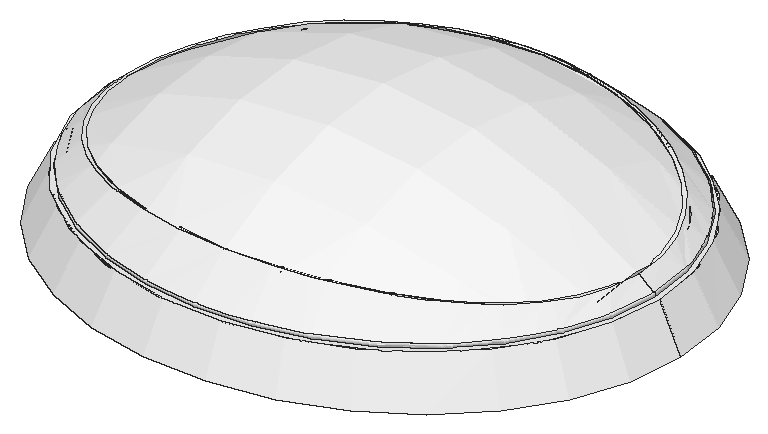
Revit family "4063809 Feilo Sylvania Lighting Fixtures BRIO IP65VR LED 4K WH  G2", category Lighting Fixtures, host Face, Revit 2017
Family settings
  Host = Face
  Round Connector Dimension = Use Diameter
  Part Type = Normal
  OmniClass Number = 23.80.70.00
  OmniClass Title = Lighting
  Cut with Voids When Loaded = No
  Light Source = Yes
  Shared = No
  Room Calculation Point = No
Parameters (values of type "4063809 BRIO IP65VR LED 4K WH  G2 High Efficiency High Efficiency")
  Weight = "3.0 kg"
  Wattage Comments = "n/a"
  Wattage = 9 W
  WarrantyStartDate [instance] = "n/a"
  WarrantyGuarantorParts = "n/a"
  WarrantyDurationUnit = "n/a"
  WarrantyDurationParts = "n/a"
  WarrantyDescription = "n/a"
  built-in parameter 1150110 = 1 (stored number, unit not read)
  Voltage = 230 V
  URL = "http://www.sylvania-lighting.com"
  TypeName = "BRIO IP65VR LED 4K WH  G2"
  Type Image = <None>
  Type Comments = "n/a"
  built-in parameter 1114217 = 1 (stored number, unit not read)
  Tilt Angle = -90.00°
  built-in parameter 1150109 = 1 (stored number, unit not read)
  built-in parameter 1150134 = 12
  built-in parameter 1150113 = 1 (stored number, unit not read)
  SerialNumber [instance] = "n/a"
  ReflectorMaterial = none
  PowerFactor = 0.98
  PowerConsumption = "9 W"
  Photometric Web File = "4063809-HE.ies"
  NominalLength = 104 mm
  NominalHeight = 440 mm
  NominalDepth = 390 mm
  Name = "BRIO IP65VR LED 4K WH  G2"
  ModelReference = Name  # "BRIO IP65VR LED 4K WH  G2"
  ModelNumber = "4063809"
  Model = Name  # "BRIO IP65VR LED 4K WH  G2"
  Material = "aluminium body, polycarbonate diffuser"
  ManufacturerName = "Feilo Sylvania"
  Manufacturer = "Feilo Sylvania"
  LuminousEfficacy = "81 lm/W"
  built-in parameter 1150105 = 58.012 (stored number, unit not read)
  Lumens = 729 lm
  LuminaireType = ""
  built-in parameter 1150115 = 1 (stored number, unit not read)
  LightOutputRatio = "100"
  built-in parameter 1150137 = (empty or 0)
  built-in parameter 1150139 = (empty or 0)
  LampsType = Lamp  # "LED"
  LampNominalLuminous = "717 lm"
  LampMacAdamStep = "n/a"
  LampColourTemperature = "4000 K"
  LampColourRenderingIndex = "80"
  built-in parameter 1150112 = 1 (stored number, unit not read)
  built-in parameter 1150114 = 1 (stored number, unit not read)
  Lamp = "LED"
  Keynote = "16500"
  InstallationDate [instance] = "n/a"
  InputVoltage = "230-240V~"
  InputNominalFrequency = "50/60 Hz"
  built-in parameter 1150132 = (empty or 0)
  built-in parameter 1150102 = (empty or 0)
  built-in parameter 1150107 = 4000 (stored number, unit not read)
  built-in parameter 1150138 = (empty or 0)
  IngressProtection = "IP65"
  ImpactProtectionIndex = "IK10"
  built-in parameter 1150106 = 0.58012 (stored number, unit not read)
  IfcExportType = "IfcLightFixtureType"
  IfcExportAs = "IfcLightFixtureType"
  ExpectedLife = 50000
  Emit from Circle Diameter = 300 mm
  Emit Shape Visible in Rendering = no
  ElectricShockClassification = "Class I"
  built-in parameter 1150104 = 7.5251 (stored number, unit not read)
  DurationUnit = "hours"
  DocumentationLiterature = "http://www.sylvania-lighting.com/product/en-int/products/4063809"
  DimmingControlOptions = "n/a"
  Dimming Lamp Color Temperature Shift = <None>
  DiffuserMaterial = Diffuser-Sylvania-BrioIP65VR-Opal
  Description = "Led exterior bulkhead, Unique feature allowing a choice between High Output or High Efficiency with the flick of a switch, die-cast aluminium body, Vandal resistant, 717/1371LM, 9/17W, 80/81lm/W, 4000K, Driver Current: 350/750mA, CRI80, Non dimmable, IP55,IK10, 50,000hrs (L70), (HxWxD) 358 x 408 x 104mm,  3 step MacAdam ellipse, 3kg, RAL 9016, Class 1, 230V,  energy class: A++, A+, A"
  Default Elevation = 1219.2 mm
  CreatedOn = "23/11/2017"
  CreatedBy = ""
  Cost = 0
  Color Filter = 16777215
  built-in parameter 1114216 [instance] = (empty or 0)
  ClassificationValue = "EF_70_80"
  ClassificationName = "Uniclass2015"
  BodyMaterial = Body-Sylvania-BrioIP65VR-White
  BarCode [instance] = "n/a"
  built-in parameter 1114218 = 1 (stored number, unit not read)
  built-in parameter 1150133 = 10 (stored number, unit not read)
  AssetType = "Fixed"
  AssetIdentifier [instance] = "n/a"
  Assembly Code = "D5020200"
  Apparent Load = 9 VA
  AccessoryMaterial = none
Types (2, lengths in mm): name | Wattage | PowerConsumption | Photometric Web File | built-in parameter 1150105 | Lumens | LampNominalLuminous | built-in parameter 1150106 | Apparent Load
  4063809 BRIO IP65VR LED 4K WH  G2 High Efficiency High Efficiency | 9 W | "9 W" | "4063809-HE.ies" | 58.012 (stored number, unit not read) | 729 lm | "717 lm" | 0.58012 (stored number, unit not read) | 9 VA
  4063809 BRIO IP65VR LED 4K WH  G2 High Output High Output | 17 W | "17 W" | "4063809-HO.ies" | 109.58 (stored number, unit not read) | 1377 lm | "1371 lm" | 1.0958 (stored number, unit not read) | 17 VA
Reference planes
  plane 1 "Center (Front/Back)": y = 0
  plane 2: z = 0
  plane 3 "Center (Left/Right)": x = 0
  plane 4: x = 220
  plane 5: x = -220
  plane 6: y = 195
  plane 7: y = -195
  plane 8: z = 104
  plane 9: z = 32.5
  plane 10: z = 60
  plane 11: x = -172.7
  plane 12: x = -203.7
  plane 13: z = 45
  plane 14: y = -147.7
  plane 15: y = 147.7
  plane 16: z = 58.9
  plane 17: y = 146.8
  plane 18: y = -146.8
  plane 19: y = -148.7
  plane 20: y = 148.7
  plane 21: x = -193.7
Forms (mm)
  Blend 1, solid, material "Body-Sylvania-BrioIP65VR-White" <- "BodyMaterial"
    base sketch origin (0, 0, 0) x (1, 0, 0) y (0, 1, 0)
      loop
        spline (-220, 0) -> (-212.504, -50.47) -> (-190.526, -97.5) -> (-155.563, -137.886) -> (-110, -168.875) -> (-56.94, -188.356) -> (0, -195) -> (56.94, -188.356) -> (110, -168.875) -> (155.563, -137.886) -> (190.526, -97.5) -> (212.504, -50.47) -> (220, 0)
        spline (220, 0) -> (212.504, 50.47) -> (190.526, 97.5) -> (155.563, 137.886) -> (110, 168.875) -> (56.94, 188.356) -> (0, 195) -> (-56.94, 188.356) -> (-110, 168.875) -> (-155.563, 137.886) -> (-190.526, 97.5) -> (-212.504, 50.47) -> (-220, 0)
    top sketch origin (0, 0, 0) x (1, 0, 0) y (0, 1, 0)
      loop
        spline (-203.75, 0) -> (-196.807, -46.329) -> (-176.453, -89.5) -> (-144.073, -126.572) -> (-101.875, -155.019) -> (-52.734, -172.901) -> (0, -179) -> (52.734, -172.901) -> (101.875, -155.019) -> (144.073, -126.572) -> (176.453, -89.5) -> (196.807, -46.329) -> (203.75, 0)
        spline (203.75, 0) -> (196.807, 46.329) -> (176.453, 89.5) -> (144.073, 126.572) -> (101.875, 155.019) -> (52.734, 172.901) -> (0, 179) -> (-52.734, 172.901) -> (-101.875, 155.019) -> (-144.073, 126.572) -> (-176.453, 89.5) -> (-196.807, 46.329) -> (-203.75, 0)
    from 0 to 32.5
  Sweep 2, solid, material "Body-Sylvania-BrioIP65VR-White" <- "BodyMaterial"
    path in 3D
      loop
        spline (203.75, 0, 32.5) -> (196.807, -46.329, 32.5) -> (176.453, -89.5, 32.5) -> (144.073, -126.572, 32.5) -> (101.875, -155.019, 32.5) -> (52.734, -172.901, 32.5) -> (0, -179, 32.5) -> (-52.734, -172.901, 32.5) -> (-101.875, -155.019, 32.5) -> (-144.073, -126.572, 32.5) -> (-176.453, -89.5, 32.5) -> (-196.807, -46.329, 32.5) -> (-203.75, 0, 32.5)
        spline (-203.75, 0, 32.5) -> (-196.807, 46.329, 32.5) -> (-176.453, 89.5, 32.5) -> (-144.073, 126.572, 32.5) -> (-101.875, 155.019, 32.5) -> (-52.734, 172.901, 32.5) -> (0, 179, 32.5) -> (52.734, 172.901, 32.5) -> (101.875, 155.019, 32.5) -> (144.073, 126.572, 32.5) -> (176.453, 89.5, 32.5) -> (196.807, 46.329, 32.5) -> (203.75, 0, 32.5)
    profile origin (-203.75, 0, 32.5) x (-1, 0, 0) y (0, 0, 1)
      loop
        line (-31.05, 27.5) -> (-32.113, 26.437) -> (-10.05, 6.897) -> (-10.05, 1.5) -> (-31.05, 1.5) -> (-31.05, 0) -> (-5.172, 0)
        arc (-5.172, 0) -> (-3.338, 1.266) -> (-3.872, 3.429) r 1.961
        line (-3.872, 3.429) -> (-31.05, 27.5)
  Extrusion 3, void
    sketch origin (0, 0, 0) x (0, 1, 0) y (0, 0, 1)
      loop
        arc (-148.7, 60) -> (0, 45) -> (148.7, 60) r 744.556
        line (148.7, 60) -> (-148.7, 60)
    from -220 to 220
  Sweep 4, solid, material "Diffuser-Sylvania-BrioIP65VR-Opal" <- "DiffuserMaterial"
    path in 3D
      loop
        arc (0, 146.8, 58.9) -> (0, 0, 104) -> (0, -146.8, 58.9) r 261.466
    profile origin (0, 0, 104) x (0, 0, -1) y (1, 0, 0)
      loop
        line (59, -187.374) -> (61.459, -185.655)
        arc (61.459, -185.655) -> (3, 0) -> (61.459, 185.655) r 324.034
        line (61.459, 185.655) -> (59, 187.374)
        arc (59, 187.374) -> (0, 0) -> (59, -187.374) r 327.034
  Extrusion 5, void
    sketch origin (0, 0, 0) x (1, 0, 0) y (0, 1, 0)
      loop
        spline (-193.7, 0) -> (-187.1, -38.486) -> (-167.749, -74.35) -> (-136.967, -105.147) -> (-96.85, -128.778) -> (-50.133, -143.633) -> (0, -148.7) -> (50.133, -143.633) -> (96.85, -128.778) -> (136.967, -105.147) -> (167.749, -74.35) -> (187.1, -38.486) -> (193.7, 0)
        spline (193.7, 0) -> (187.1, 38.486) -> (167.749, 74.35) -> (136.967, 105.147) -> (96.85, 128.778) -> (50.133, 143.633) -> (0, 148.7) -> (-50.133, 143.633) -> (-96.85, 128.778) -> (-136.967, 105.147) -> (-167.749, 74.35) -> (-187.1, 38.486) -> (-193.7, 0)
      loop
        line (-203.7, 195) -> (-203.7, -195) -> (220, -195) -> (220, 195) -> (-203.7, 195)
    from 0 to 60
Cuts and joins
  Extrusion 3 cuts Sweep 2
  Extrusion 5 cuts Sweep 4
Lines and regions (mm)
  sketch lines
    curve 1: spline (-203.75, 0, 32.5) -> (-196.807, 46.329, 32.5) -> (-176.453, 89.5, 32.5) -> (-144.073, 126.572, 32.5) -> (-101.875, 155.019, 32.5) -> (-52.734, 172.901, 32.5) -> (0, 179, 32.5) -> (52.734, 172.901, 32.5) -> (101.875, 155.019, 32.5) -> (144.073, 126.572, 32.5) -> (176.453, 89.5, 32.5) -> (196.807, 46.329, 32.5) -> (203.75, 0, 32.5)
    curve 2: spline (203.75, 0, 32.5) -> (196.807, -46.329, 32.5) -> (176.453, -89.5, 32.5) -> (144.073, -126.572, 32.5) -> (101.875, -155.019, 32.5) -> (52.734, -172.901, 32.5) -> (0, -179, 32.5) -> (-52.734, -172.901, 32.5) -> (-101.875, -155.019, 32.5) -> (-144.073, -126.572, 32.5) -> (-176.453, -89.5, 32.5) -> (-196.807, -46.329, 32.5) -> (-203.75, 0, 32.5)
    curve 4: arc (0, 146.8, 58.9) -> (0, 0, 104) -> (0, -146.8, 58.9) r 261.466
  reference lines
    curve 3: arc (0, 146.8, 58.9) -> (0, 0, 104) -> (0, -146.8, 58.9) r 261.466
Dimensions and locks
  equal spacing: plane 5, plane 3 "Center (Left/Right)", plane 4
  locked: plane 5 to plane 4 at 440
  equal spacing: plane 7, plane 1 "Center (Front/Back)", plane 6
  locked: plane 7 to plane 6 at 390
  locked: plane 8 to plane 2 at 104
  plane 9 to plane 2 = 32.5 mm
  locked: Blend 1 sketch curve to Blend 1 sketch curve at 195
  locked: Blend 1 sketch curve to Blend 1 sketch curve at 220
  locked: Blend 1 sketch curve to Blend 1 sketch curve at 203.75
  locked: Blend 1 sketch curve to Blend 1 sketch curve at 179
  locked: plane 10 to plane 9 at 27.5
  locked: plane 12 to plane 5 at 16.3
  locked: plane 11 to plane 5 at 47.3
  locked: plane 10 to plane 13 at 15
  equal spacing: plane 14, plane 1 "Center (Front/Back)", plane 15
  locked: plane 7 to plane 14 at 47.3
  locked: Sweep 2 sketch curve to Sweep 2 sketch curve at 1.5
  locked: Sweep 2 sketch curve to plane 9 at 1.5
  locked: plane 16 to plane 10 at 1.1
  equal spacing: plane 18, plane 1 "Center (Front/Back)", plane 17
  locked: plane 14 to plane 18 at 0.9
  locked: plane 2 to curve 3 at 157.466
  equal spacing: plane 19, plane 1 "Center (Front/Back)", plane 20
  locked: plane 19 to plane 14 at 1
  locked: Extrusion 3 sketch curve to plane 2 at 789.556
  locked: plane 21 to plane 12 at 10
  aligned and locked: plane 2 to host face
  aligned and locked: level to host face
  aligned and locked: plane 3 "Center (Left/Right)" to Blend 1 sketch curve  (x2)
  aligned and locked: plane 1 "Center (Front/Back)" to Blend 1 sketch curve  (x4)
  aligned and locked: Blend 1 to plane 9
  aligned and locked: Sweep 2 sketch curve to profile plane
  aligned and locked: plane 4 to Extrusion 3
  aligned and locked: plane 10 to Sweep 2 sketch curve
  aligned and locked: plane 17 to curve 3
  aligned and locked: plane 16 to curve 3  (x2)
  aligned and locked: plane 18 to curve 3
  aligned and locked: plane 13 to Sweep 4 sketch curve
  aligned and locked: plane 10 to Extrusion 3 sketch curve
  aligned and locked: plane 20 to Extrusion 3 sketch curve
  aligned and locked: plane 19 to Extrusion 3 sketch curve
  aligned and locked: plane 1 "Center (Front/Back)" to Extrusion 3 sketch curve
  aligned and locked: Extrusion 3 to plane 5
  aligned and locked: imposter light to plane 8
  aligned and locked: plane 3 "Center (Left/Right)" to imposter light
  aligned and locked: imposter light to plane 1 "Center (Front/Back)"
  aligned and locked: plane 21 to Sweep 2 sketch curve
  aligned and locked: Sweep 2 sketch curve to plane 21
  aligned and locked: plane 3 "Center (Left/Right)" to Extrusion 5 sketch curve
  aligned and locked: plane 1 "Center (Front/Back)" to Extrusion 5 sketch curve  (x2)
  aligned and locked: plane 6 to Extrusion 5 sketch curve
  aligned and locked: Extrusion 5 sketch curve to plane 7
  aligned and locked: Extrusion 5 sketch curve to plane 4
  aligned and locked: plane 12 to Extrusion 5 sketch curve
  aligned and locked: Extrusion 5 to level
  aligned and locked: Extrusion 5 to plane 10
Automatic sketch dimensions
  host sketch curve to host sketch curve = 2438.4 mm  (x2)
  Sweep 4 sketch curve to Sweep 4 sketch curve = 0 mm  (x2)
  Sweep 4 sketch curve to profile plane = 0 mm
  Sweep 4 sketch curve to Sweep 4 sketch curve = 2.459 mm  (x2)
  Sweep 4 sketch curve to Sweep 4 sketch curve = 265.575 mm
  Sweep 4 sketch curve to profile plane = 185.655 mm
  Sweep 4 sketch curve to Sweep 4 sketch curve = 1.719 mm
  Sweep 4 sketch curve to profile plane = 59 mm
  Sweep 2 sketch curve to Sweep 2 sketch curve = 21 mm
  Sweep 2 sketch curve to Sweep 2 sketch curve = 0 mm
  profile plane to Sweep 2 sketch curve = 26.437 mm
  Sweep 2 sketch curve to Sweep 2 sketch curve = 1.063 mm
  profile plane to Sweep 2 sketch curve = 1.961 mm
  profile plane to Sweep 2 sketch curve = 3.429 mm
  Extrusion 5 sketch curve to plane 21 = 0 mm
Connectors
  electrical at (0, 0, 0), driven by "Apparent Load", driven by "PowerFactor", driven by "Voltage"
    settings: index 1, voltage 230 V, apparent load 9 VA, apparent load phase1 0 VA, apparent load phase2 0 VA, apparent load phase3 0 VA, power factor 0.98, load classification "Lighting", number of poles 1, system type 30, power factor state 1, is connector primary yes, connector utility no, sub classification motor no, connector description ""
